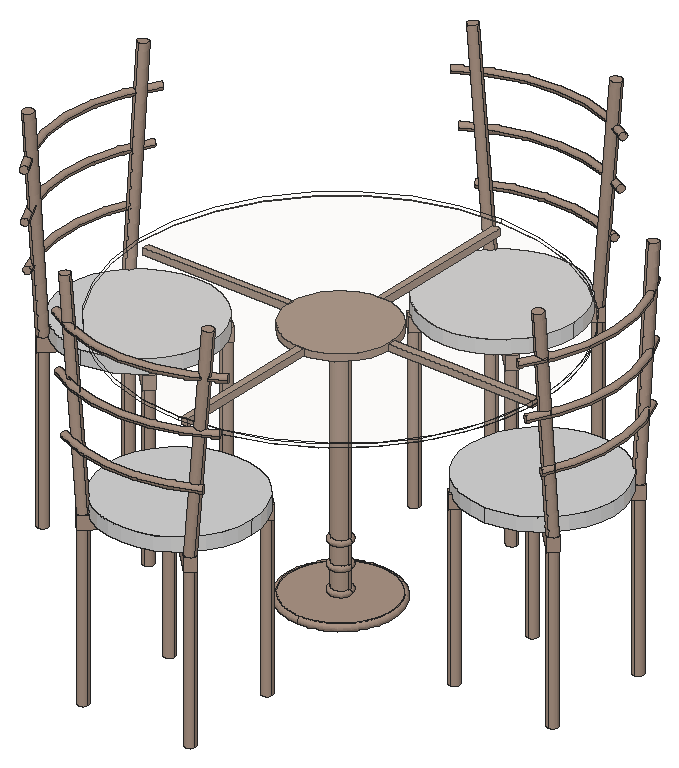
Revit family
Parameters (values of type "1200 mm dia")
  Material of base = Base Material
  Material of Top = Glass Top Material
  Material of Chair Upholstry = Material of Upholstry - Chair
  Material of Chair Frame = Material of Chair Frame
  Height of Table = 750 mm
  Diameter of Glass = 1200 mm
  Diameter of Base = 300 mm
Reference planes
  plane 1 "Center (Front/Back)": y = 0
  plane 2: z = 0
  plane 3 "Center (Left/Right)": x = 0
Dimensions and locks
  aligned and locked: nested 1 to nested 4
  aligned and locked: plane 3 "Center (Left/Right)" to nested 2
  aligned and locked: nested 1 to nested 2
  aligned and locked: plane 1 "Center (Front/Back)" to nested 5
  aligned and locked: nested 1 to nested 5
  aligned and locked: nested 3 to plane 3 "Center (Left/Right)"
  aligned and locked: nested 1 to nested 3
Nested families
  nested 1: "M_Furn - Dining Table - Circular" at (0, 0, 0), type "1000 mm dia"
    with Diameter-Glass 1200 mm
  nested 2: "M_Furn - Chair 1" at (0, 600, 0), type "430 mm dia"
  nested 3: "M_Furn - Chair 1" at (0, -600, 0), type "430 mm dia"
  nested 4: "M_Furn - Chair 1" at (-600, 0, 0) x (0, 1, 0) z (0, 0, 1), type "430 mm dia"
  nested 5: "M_Furn - Chair 1" at (600, 0, 0) x (0, 1, 0) z (0, 0, 1), type "430 mm dia"
Definition of nested family "M_Furn - Dining Table - Circular"
  Parameters (values of type "1000 mm dia")
    Top Material = none
    Base Material = none
    Height = 750 mm
    Diameter-Base = 300 mm
    Diameter-Glass = 1000 mm
  Reference planes
    plane 1 "Center (Front/Back)": y = 0
    plane 2: z = 0
    plane 3 "Center (Left/Right)": x = 0
    plane 4: x = -500
    plane 5: x = 500
    plane 6: y = 500
    plane 7: y = -500
    plane 8: z = 750
    plane 9: y = 150
    plane 10: y = -150
    plane 11: x = -150
    plane 12: x = 150
  Forms (mm)
    Extrusion 1, solid, material <- "Top Material"
      sketch origin (0, 0, 750) x (0, 1, 0) y (-1, 0, 0)
        loop
          circle (0, 0) r 500
      from 0 to -12
    Extrusion 2, solid, material <- "Base Material"
      sketch origin (0, 0, 750) x (0, 1, 0) y (-1, 0, 0)
        loop
          circle (0, 0) r 150
      from -12 to -32
    Extrusion 3, solid, material <- "Base Material"
      sketch origin (0, 0, 0) x (1, 0, 0) y (0, 1, 0)
        loop
          circle (0, 0) r 150
      from 0 to 20
    Extrusion 4, solid, material <- "Base Material"
      sketch origin (0, 0, 0) x (1, 0, 0) y (0, 1, 0)
        loop
          circle (0, 0) r 24.87
      from 20 to 718
    Sweep 5, solid, material <- "Base Material"
      path in 3D
        loop
          arc (0, 150, 20) -> (150, 0, 20) -> (0, -150, 20) r 150
          arc (0, -150, 20) -> (-150, 0, 20) -> (0, 150, 20) r 150
      profile origin (0, 0, 0) x (-1, 0, 0) y (0, 0, 1)
        loop
          line (150, 20) -> (150, 0)
          arc (150, 0) -> (160, 10) -> (150, 20) r 10
    Sweep 6, solid, material <- "Base Material"
      path in 3D
        loop
          arc (24.87, 0, 718) -> (0, -24.87, 718) -> (-24.87, 0, 718) r 24.87
          arc (-24.87, 0, 718) -> (0, 24.87, 718) -> (24.87, 0, 718) r 24.87
      profile origin (0, 0, 0) x (0, 1, 0) y (0, 0, 1)
        loop
          line (24.87, 718) -> (24.87, 702.551)
          arc (24.87, 702.551) -> (32.594, 710.275) -> (24.87, 718) r 7.725
    Sweep 7, solid, material <- "Base Material"
      path in 3D
        loop
          arc (24.87, 0, 718) -> (0, -24.87, 718) -> (-24.87, 0, 718) r 24.87
          arc (-24.87, 0, 718) -> (0, 24.87, 718) -> (24.87, 0, 718) r 24.87
      profile origin (0, 0, 0) x (0, 1, 0) y (0, 0, 1)
        loop
          arc (24.87, 20) -> (32.582, 27.713) -> (24.87, 35.425) r 7.713
          line (24.87, 35.425) -> (24.87, 20)
    Sweep 8, solid, material <- "Base Material"
      path in 3D
        loop
          arc (-24.87, 0, 305.149) -> (0, 24.87, 305.149) -> (24.87, 0, 305.149) r 24.87
          arc (24.87, 0, 305.149) -> (0, -24.87, 305.149) -> (-24.87, 0, 305.149) r 24.87
      profile origin (0, 0, 0) x (0, -1, 0) y (0, 0, 1)
        loop
          line (24.859, 169.99) -> (24.859, 155)
          arc (24.859, 155) -> (32.354, 162.495) -> (24.859, 169.99) r 7.495
    Sweep 9, solid, material <- "Base Material"
      path in 3D
        loop
          arc (-24.87, 0, 237.866) -> (0, 24.87, 237.866) -> (24.87, 0, 237.866) r 24.87
          arc (24.87, 0, 237.866) -> (0, -24.87, 237.866) -> (-24.87, 0, 237.866) r 24.87
      profile origin (0, 0, 0) x (0, -1, 0) y (0, 0, 1)
        loop
          line (24.859, 102.707) -> (24.859, 87.718)
          arc (24.859, 87.718) -> (32.354, 95.213) -> (24.859, 102.707) r 7.495
    Extrusion 10, solid, material <- "Base Material"
      sketch origin (0, 0, 750) x (0, 1, 0) y (-1, 0, 0)
        loop
          line (478.939, 10) -> (149.687, 10)
          arc (149.687, 10) -> (150.014, 0) -> (149.687, -10) r 153.253
          line (149.687, -10) -> (478.939, -10)
          arc (478.939, -10) -> (480, 0) -> (478.939, 10) r 47.662
      from -12 to -32
    Extrusion 11, solid, material <- "Base Material"
      sketch origin (0, 0, 750) x (0, -1, 0) y (1, 0, 0)
        loop
          arc (478.939, -10) -> (480, 0) -> (478.939, 10) r 47.662
          line (478.939, 10) -> (149.687, 10)
          arc (149.687, 10) -> (150.014, 0) -> (149.687, -10) r 153.253
          line (149.687, -10) -> (478.939, -10)
      from -12 to -32
    Extrusion 12, solid, material <- "Base Material"
      sketch origin (0, 0, 750) x (0, 1, 0) y (-1, 0, 0)
        loop
          line (10, -479.456) -> (10, -148.524)
          arc (10, -148.524) -> (0, -148.943) -> (-10, -148.524) r 119.448
          line (-10, -148.524) -> (-10, -479.456)
          arc (-10, -479.456) -> (0, -480.308) -> (10, -479.456) r 59.12
      from -12 to -32
    Extrusion 13, solid, material <- "Base Material"
      sketch origin (0, 0, 750) x (0, 1, 0) y (-1, 0, 0)
        loop
          arc (10, 479.456) -> (0, 480.308) -> (-10, 479.456) r 59.12
          line (-10, 479.456) -> (-10, 149.703)
          arc (-10, 149.703) -> (0, 150.123) -> (10, 149.703) r 119.448
          line (10, 149.703) -> (10, 479.456)
      from -12 to -32
  Lines and regions (mm)
    sketch lines
      curve 1: arc (0, -150, 20) -> (-150, 0, 20) -> (0, 150, 20) r 150
      curve 2: arc (0, 150, 20) -> (150, 0, 20) -> (0, -150, 20) r 150
      curve 3: arc (-24.87, 0, 718) -> (0, 24.87, 718) -> (24.87, 0, 718) r 24.87
      curve 4: arc (24.87, 0, 718) -> (0, -24.87, 718) -> (-24.87, 0, 718) r 24.87
      curve 5: arc (-24.87, 0, 718) -> (0, 24.87, 718) -> (24.87, 0, 718) r 24.87
      curve 6: arc (24.87, 0, 718) -> (0, -24.87, 718) -> (-24.87, 0, 718) r 24.87
      curve 7: arc (24.87, 0, 305.149) -> (0, -24.87, 305.149) -> (-24.87, 0, 305.149) r 24.87
      curve 8: arc (-24.87, 0, 305.149) -> (0, 24.87, 305.149) -> (24.87, 0, 305.149) r 24.87
      curve 9: arc (24.87, 0, 237.866) -> (0, -24.87, 237.866) -> (-24.87, 0, 237.866) r 24.87
      curve 10: arc (-24.87, 0, 237.866) -> (0, 24.87, 237.866) -> (24.87, 0, 237.866) r 24.87
    symbolic lines
      curve 11: arc (0, 500, 0) -> (-500, 0, 0) -> (0, -500, 0) r 500
      curve 12: arc (0, 500, 0) -> (-500, 0, 0) -> (0, -500, 0) r 500
      curve 13: arc (0, -500, 0) -> (500, 0, 0) -> (0, 500, 0) r 500
      curve 14: arc (0, 150, 0) -> (-150, 0, 0) -> (0, -150, 0) r 150
      curve 15: arc (0, -150, 0) -> (150, 0, 0) -> (0, 150, 0) r 150
  Dimensions and locks
    equal spacing: plane 4, plane 3 "Center (Left/Right)", plane 5
    "Diameter-Glass": plane 4 to plane 5
    equal spacing: plane 7, plane 1 "Center (Front/Back)", plane 6
    "Diameter-Glass": plane 7 to plane 6
    equal spacing: plane 9, plane 1 "Center (Front/Back)", plane 10
    "Diameter-Base": plane 9 to plane 10
    equal spacing: plane 11, plane 3 "Center (Left/Right)", plane 12
    "Diameter-Base": plane 11 to plane 12
    "Height": plane 8 to level
    aligned and locked: plane 6 to Extrusion 1 sketch curve
    aligned and locked: plane 7 to Extrusion 1 sketch curve
    aligned and locked: plane 3 "Center (Left/Right)" to Extrusion 2 sketch curve
    aligned and locked: plane 10 to Extrusion 2 sketch curve
    aligned and locked: Extrusion 3 sketch curve to Extrusion 2
    aligned and locked: Extrusion 2 to Extrusion 1
    aligned and locked: Extrusion 4 to Extrusion 2
    aligned and locked: Extrusion 4 to Extrusion 3
    aligned and locked: Extrusion 3 to level
    aligned and locked: profile plane to Sweep 5 sketch curve
    aligned and locked: Extrusion 2 to Sweep 6 sketch curve
    aligned and locked: profile plane to Sweep 6 sketch curve
    aligned and locked: Sweep 7 sketch curve to Extrusion 4
    aligned and locked: Extrusion 10 sketch curve to Extrusion 10 sketch curve
    aligned and locked: Extrusion 11 sketch curve to Extrusion 11 sketch curve
    aligned and locked: Extrusion 13 to Extrusion 1
    aligned and locked: Extrusion 12 to Extrusion 1
    aligned and locked: Extrusion 12 to Extrusion 2
    aligned and locked: Extrusion 2 to Extrusion 13
    aligned and locked: Extrusion 10 to Extrusion 2
    aligned and locked: Extrusion 10 to Extrusion 1
    aligned and locked: Extrusion 2 to Extrusion 11
    aligned and locked: Extrusion 11 to Extrusion 1
    aligned and locked: curve 11 to Extrusion 1
  Automatic sketch dimensions
    Extrusion 1 sketch curve to plane 3 "Center (Left/Right)" = 0 mm
    Extrusion 2 sketch curve to plane 1 "Center (Front/Back)" = 0 mm
    Extrusion 4 sketch curve to plane 1 "Center (Front/Back)" = 0 mm
    Extrusion 4 sketch curve to plane 3 "Center (Left/Right)" = 0 mm
    Sweep 5 sketch curve to Sweep 5 sketch curve = 10 mm
    Sweep 6 sketch curve to Sweep 6 sketch curve = 7.725 mm
    Sweep 7 sketch curve to profile plane = 0 mm
    Sweep 7 sketch curve to Sweep 7 sketch curve = 7.713 mm
    profile plane to Sweep 8 sketch curve = 0.01 mm
    Sweep 8 sketch curve to Sweep 8 sketch curve = 7.495 mm
    profile plane to Sweep 9 sketch curve = 0.01 mm
    Sweep 9 sketch curve to Sweep 9 sketch curve = 7.495 mm
    Extrusion 10 sketch curve to plane 3 "Center (Left/Right)" = 0 mm
    plane 1 "Center (Front/Back)" to Extrusion 10 sketch curve = 3.239 mm
    Extrusion 10 sketch curve to plane 9 = 0.313 mm
    plane 6 to Extrusion 10 sketch curve = 21.061 mm
    plane 3 "Center (Left/Right)" to Extrusion 10 sketch curve = 10 mm
    Extrusion 10 sketch curve to Extrusion 10 sketch curve = 0 mm
    Extrusion 10 sketch curve to Extrusion 10 sketch curve = 46.602 mm
    Extrusion 11 sketch curve to plane 3 "Center (Left/Right)" = 0 mm  (x2)
    Extrusion 11 sketch curve to plane 1 "Center (Front/Back)" = 3.239 mm
    plane 10 to Extrusion 11 sketch curve = 0.313 mm
    Extrusion 11 sketch curve to plane 7 = 67.662 mm
    Extrusion 11 sketch curve to plane 3 "Center (Left/Right)" = 10 mm
    Extrusion 11 sketch curve to plane 7 = 21.061 mm
    Extrusion 12 sketch curve to plane 1 "Center (Front/Back)" = 0 mm  (x2)
    Extrusion 12 sketch curve to plane 12 = 1.476 mm
    plane 1 "Center (Front/Back)" to Extrusion 12 sketch curve = 10 mm
    Extrusion 12 sketch curve to plane 1 "Center (Front/Back)" = 10 mm
    Extrusion 12 sketch curve to plane 5 = 78.811 mm
    Extrusion 12 sketch curve to plane 5 = 20.544 mm
    plane 3 "Center (Left/Right)" to Extrusion 12 sketch curve = 29.495 mm
    Extrusion 13 sketch curve to plane 1 "Center (Front/Back)" = 0 mm  (x2)
    plane 11 to Extrusion 13 sketch curve = 0.297 mm
    plane 1 "Center (Front/Back)" to Extrusion 13 sketch curve = 10 mm
    Extrusion 13 sketch curve to plane 1 "Center (Front/Back)" = 10 mm
    Extrusion 13 sketch curve to plane 3 "Center (Left/Right)" = 30.675 mm
    plane 4 to Extrusion 13 sketch curve = 78.811 mm
    plane 4 to Extrusion 13 sketch curve = 20.544 mm
    curve 14 to plane 3 "Center (Left/Right)" = 0 mm
    curve 15 to plane 1 "Center (Front/Back)" = 0 mm
    curve 15 to plane 10 = 0 mm
    curve 12 to plane 1 "Center (Front/Back)" = 0 mm
    curve 12 to plane 3 "Center (Left/Right)" = 0 mm
    curve 12 to plane 7 = 0 mm
    radius of Extrusion 4 sketch curve = 24.87 mm
Definition of nested family "M_Furn - Chair 1"
  Parameters (values of type "430 mm dia")
    Chair Material = none
    Upholstry Material = none
  Reference planes
    plane 1 "Center (Front/Back)": y = 0
    plane 2: z = 0
    plane 3 "Center (Left/Right)": x = 0
    plane 4: y = 158.862
  Forms (mm)
    Extrusion 1, solid, material <- "Upholstry Material"
      sketch origin (0, 0.01, 0) x (1, 0, 0) y (0, 1, 0)
        loop
          circle (0, 0) r 215
      from 509.714 to 549.714
    Extrusion 2, solid, material <- "Chair Material"
      sketch origin (0, 0.01, 0) x (1, 0, 0) y (0, 1, 0)
        loop
          line (-166.17, -144.957) -> (-144.957, -166.17) -> (0, -21.213) -> (144.957, -166.17) -> (166.17, -144.957) -> (21.213, 0) -> (180.312, 159.099) -> (159.099, 180.312) -> (0, 21.213) -> (-159.099, 180.312) -> (-180.312, 159.099) -> (-21.213, 0) -> (-166.17, -144.957)
      from 509.714 to 469.714
    Extrusion 3, solid, material <- "Chair Material"
      sketch origin (0, 0.01, 0) x (1, 0, 0) y (0, 1, 0)
        loop
          circle (-159.293, 158.906) r 15
        loop
          circle (-145.152, -144.765) r 15
        loop
          circle (145.152, -144.765) r 15
        loop
          circle (159.293, 158.906) r 15
      from 0 to 469.714
    Sweep 4, solid, material <- "Chair Material"
      path origin (0, -41.153, 0) x (1, 0, 0) y (0, 1, 0)
        loop
          arc (-232.176, 136.96) -> (-2.745, 209.3) -> (226.686, 136.96) r 400
      profile origin (-2.745, 0, 0) x (0, 1, 0) y (0, 0, 1)
        loop
          circle (215.189, 1000) r 10
    Sweep 5, solid, material <- "Chair Material"
      path origin (0, -41.153, -150) x (1, 0, 0) y (0, 1, 0)
        loop
          arc (-217.665, 146.656) -> (-2.745, 209.3) -> (212.175, 146.656) r 400
      profile origin (-2.745, 0, 0) x (0, 1, 0) y (0, 0, 1)
        loop
          circle (215.189, 850) r 10
    Sweep 6, solid, material <- "Chair Material"
      path origin (0, -41.153, -300) x (1, 0, 0) y (0, 1, 0)
        loop
          arc (-187.444, 164.104) -> (-2.745, 209.3) -> (181.955, 164.104) r 400
      profile origin (-2.745, 0, 0) x (0, 1, 0) y (0, 0, 1)
        loop
          circle (215.189, 700) r 10
    Sweep 7, solid, material <- "Chair Material"
      path origin (49.733, 158.862, 1.048) x (1, 0, 0) y (0, 0, 1)
        loop
          line (109.745, 508.667) -> (163.781, 1126.307)
      profile origin (72.485, 0, 828.509) x (-0.996195, 0, 0.087156) y (0, -1, 0)
        loop
          circle (-114.447, -158.862) r 15
    Sweep 8, solid, material <- "Chair Material"
      path origin (-49.733, 158.862, 1.048) x (-1, 0, 0) y (0, 0, -1)
        loop
          line (109.745, -508.667) -> (163.781, -1126.307)
      profile origin (-72.485, 0, 828.509) x (0.996195, 0, 0.087156) y (0, 1, 0)
        loop
          circle (-114.447, 158.862) r 15
  Lines and regions (mm)
    symbolic lines
      curve 1: arc (-264.894, 142.534, 0) -> (-2.745, 225.189, 0) -> (259.404, 142.534, 0) r 457.043
      curve 2: arc (247.933, 126.151, 0) -> (-2.745, 205.189, 0) -> (-253.423, 126.151, 0) r 437.043
      curve 3: line (-264.894, 142.534, 0) -> (-253.423, 126.151, 0)
      curve 4: line (259.404, 142.534, 0) -> (247.933, 126.151, 0)
      curve 5: arc (215, 0.01, 0) -> (0, 215.01, 0) -> (-215, 0.01, 0) r 215
      curve 6: arc (-215, 0.01, 0) -> (0, -214.99, 0) -> (215, 0.01, 0) r 215
  Dimensions and locks
    radius of Extrusion 1 = 215 mm
    aligned and locked: Extrusion 2 sketch curve to Extrusion 2 sketch curve  (x2)
    aligned and locked: Extrusion 3 to Extrusion 2
    aligned and locked: Extrusion 1 to Extrusion 2
